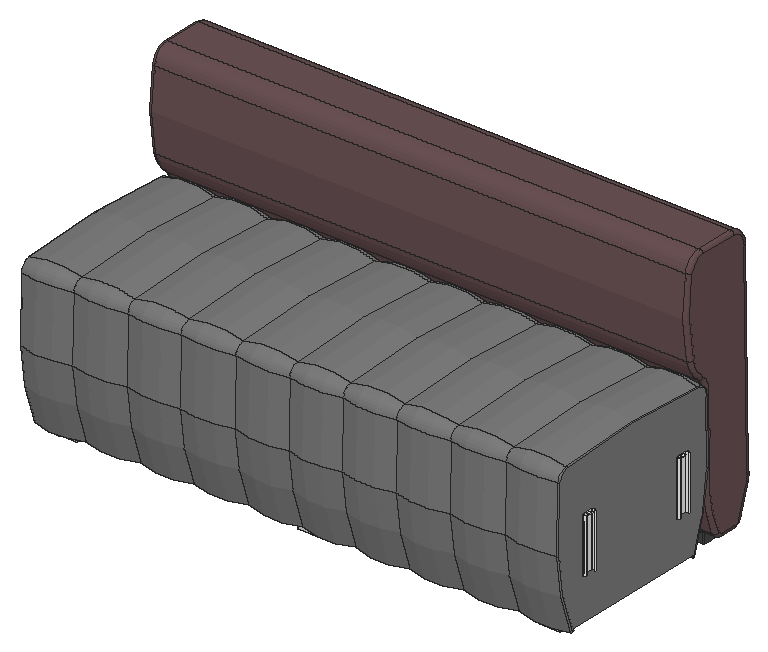
Revit family "Chair-Soft_Seating-Allermuir-Haven_Bench-HAB200BM", category Furniture, Revit 2012
Parameters (values of type "HAB200BM")
  ecoScorecard_data = "http://thesenatorgroup.ecoscorecard.com/product/HAB200BM"
  ecoScorecard Product Page = "http://products.ecoscorecard.com/allermuir/HAB200BM?action=html"
  Width = 0"
  Weight = 0.0 lbf
  Upholstered Seat = "No"
  Upholstered Back = "No"
  URL = "http://www.allermuir.net/Default.aspx"
  Subcategory = "Soft Seating"  # constant formula
  Stand = none
  Stacks = no
  Specifications URL = ""
  Side Stand = Metal - Allermuir - Chrome - Polished
  Side Bracket = Metal - Allermuir - Chrome - Polished
  Seat or Top = Fabric - Allermuir - Silcoates
  Seat = Fabric - Allermuir - Silcoates
  Product Page URL = "http://www.allermuir.net/Products.aspx?RangeId=495"
  Product Line = "Haven Bench"  # constant formula
  Pricing URL = ""
  Plugin Data URL = "http://products.ecoscorecard.com/thesenatorgroup/HAB200BM"
  Plastic Arms in Black = "No"
  Model = "HAB200BM"  # constant formula
  Manufacturer Phone - Toll Free = "(888) 887 5806"  # constant formula
  Manufacturer Phone = "(419) 887 5806"  # constant formula
  Manufacturer Fax = "(419) 887 5805"  # constant formula
  Manufacturer Email = "mailto:contact@allermuir-na.com"
  Manufacturer Address = "1630 Holland Road, Maumee, Ohio 43537 "  # constant formula
  Manufacturer = "Allermuir"  # constant formula
  LEED Stats URL = ""
  Height = 0"
  Fabric Spec Sheets = "http://www.allermuir.net/Services/File.ashx?Type=B&Id=51"
  Description = ""
  Depth = 0"
  Color Availability = "See price list for material options"  # constant formula
  CAD Blocks URL = ""
  Brochure URL = ""
  Base = Plastic - Allermuir - Black
  Back Rest = Fabric - Allermuir - Upholstery - Velvet - Red
  Back = Fabric - Allermuir - Upholstery - Velvet - Red
  Assembly Code = "E2020200"
  95 CSI = "12510"  # constant formula
  04 CSI = "12 51 00"  # constant formula
Reference planes
  plane 1 "Center Front/Back": y = 0
  plane 2: z = 0
  plane 3 "Center Left/Right": x = 0
  plane 4: y = 359.331
  plane 5: y = -323.637
  plane 6: z = 780.256
  plane 7: x = -760.699
  plane 8: x = 757.524
Forms (mm)
  Sweep 1, solid, material "Fabric - Allermuir - Silcoates" <- "Seat"
    path origin (0, -58.737, -3.969) x (0, 1, 0) y (0, 0, 1)
      loop
        arc (228.284, 22.862) -> (262.026, 125.947) -> (276.965, 233.381) r 609.6
        arc (276.965, 233.381) -> (278.479, 325.472) -> (273.982, 417.465) r 1411.053
        arc (273.982, 417.465) -> (262.719, 442.368) -> (238.222, 454.489) r 40.603
        arc (238.222, 454.489) -> (7.264, 468.236) -> (-223.765, 455.728) r 2038.86
        arc (-223.765, 455.728) -> (-248.079, 443.981) -> (-259.64, 419.577) r 40.58
        arc (-259.64, 419.577) -> (-265.536, 328.435) -> (-264.387, 237.109) r 1183.48
        arc (-264.387, 237.109) -> (-249.057, 127.794) -> (-214.795, 22.862) r 627.008
    profile origin (0, -51.473, 464.267) x (0, -0.002682, -0.999996) y (1, 0, 0)
      loop
        arc (10.108, -745.462) -> (11.467, -747.415) -> (13.724, -748.165) r 3.77
        line (13.724, -748.165) -> (14.881, -748.165) -> (14.881, 751.457) -> (12.785, 751.457)
        arc (12.785, 751.457) -> (10.529, 750.699) -> (9.189, 748.733) r 3.735
        arc (9.189, 748.733) -> (-0.333, 674.997) -> (11.738, 601.636) r 255.942
        arc (11.738, 601.636) -> (-0.369, 525.083) -> (10.994, 448.417) r 255.942
        arc (10.994, 448.417) -> (-0.371, 373.433) -> (10.736, 298.411) r 255.942
        arc (10.736, 298.411) -> (-0.371, 223.387) -> (10.994, 148.403) r 255.942
        arc (10.994, 148.403) -> (-0.369, 74.256) -> (10.253, 0) r 255.942
        arc (10.253, 0) -> (-0.355, -75.93) -> (12.002, -151.596) r 255.942
        arc (12.002, -151.596) -> (-0.344, -226.43) -> (9.784, -301.596) r 255.942
        arc (9.784, -301.596) -> (-0.344, -376.765) -> (12.003, -451.601) r 255.942
        arc (12.003, -451.601) -> (-0.344, -526.433) -> (9.782, -601.598) r 255.942
        arc (9.782, -601.598) -> (-0.371, -673.554) -> (10.108, -745.462) r 255.942
  Extrusion 2, solid, material "Fabric - Allermuir - Silcoates" <- "Seat"
    sketch origin (0, -58.737, -3.969) x (0, 1, 0) y (0, 0, 1)
      loop
        line (-203.329, 33.969) -> (216.827, 33.969)
        arc (216.827, 33.969) -> (248.162, 132.073) -> (262.102, 234.112) r 594.719
        arc (262.102, 234.112) -> (263.6, 325.231) -> (259.15, 416.253) r 1396.171
        arc (259.15, 416.253) -> (252.015, 432.029) -> (236.497, 439.708) r 25.722
        arc (236.497, 439.708) -> (7.224, 453.355) -> (-222.118, 440.938) r 2023.978
        arc (-222.118, 440.938) -> (-237.517, 433.499) -> (-244.837, 418.044) r 25.699
        arc (-244.837, 418.044) -> (-250.66, 328.048) -> (-249.525, 237.871) r 1168.598
        arc (-249.525, 237.871) -> (-235.197, 133.933) -> (-203.329, 33.969) r 612.126
    from -748.165 to 751.457
  Extrusion 3, solid, material "Metal - Allermuir - Chrome - Polished" <- "Side Stand"
    sketch origin (6.251, -56.952, -3.969) x (1, 0, 0) y (0, 1, 0)
      loop
        arc (751.677, 189.731) -> (750.36, 189.981) -> (749.198, 189.313) r 1.93
        line (749.198, 189.313) -> (745.679, 185.09)
        arc (745.679, 185.09) -> (745.366, 184.543) -> (745.257, 183.923) r 1.823
        line (745.257, 183.923) -> (745.257, 157.23)
        arc (745.257, 157.23) -> (745.363, 156.622) -> (745.671, 156.086) r 1.786
        line (745.671, 156.086) -> (749.223, 151.823)
        arc (749.223, 151.823) -> (750.358, 151.171) -> (751.644, 151.415) r 1.885
        line (751.644, 151.415) -> (757.733, 155.082) -> (756.959, 156.367) -> (751.014, 152.787)
        arc (751.014, 152.787) -> (750.617, 152.712) -> (750.268, 152.913) r 0.581
        line (750.268, 152.913) -> (747.04, 156.786)
        arc (747.04, 156.786) -> (746.835, 157.143) -> (746.764, 157.548) r 1.191
        line (746.764, 157.548) -> (746.764, 183.605)
        arc (746.764, 183.605) -> (746.838, 184.023) -> (747.049, 184.391) r 1.228
        line (747.049, 184.391) -> (750.26, 188.244)
        arc (750.26, 188.244) -> (750.618, 188.45) -> (751.024, 188.373) r 0.595
        line (751.024, 188.373) -> (756.959, 184.799) -> (757.733, 186.084) -> (751.677, 189.731)
    from 156.239 to 306.239
  Extrusion 4, solid, material "Metal - Allermuir - Chrome - Polished" <- "Side Stand"
    sketch origin (6.251, -56.952, -3.969) x (1, 0, 0) y (0, 1, 0)
      loop
        line (746.764, 176.579) -> (746.764, 164.607) -> (755.757, 164.607) -> (755.757, 176.579) -> (746.764, 176.579)
    from 304.739 to 306.239
  Extrusion 5, solid, material "Metal - Allermuir - Chrome - Polished" <- "Side Stand"
    sketch origin (6.251, -41.87, -3.969) x (1, 0, 0) y (0, 1, 0)
      loop
        line (751.677, -189.731) -> (757.733, -186.084) -> (756.959, -184.799) -> (751.024, -188.373)
        arc (751.024, -188.373) -> (750.618, -188.45) -> (750.26, -188.244) r 0.595
        line (750.26, -188.244) -> (747.049, -184.391)
        arc (747.049, -184.391) -> (746.838, -184.023) -> (746.764, -183.605) r 1.228
        line (746.764, -183.605) -> (746.764, -157.548)
        arc (746.764, -157.548) -> (746.835, -157.143) -> (747.04, -156.786) r 1.191
        line (747.04, -156.786) -> (750.268, -152.913)
        arc (750.268, -152.913) -> (750.617, -152.712) -> (751.014, -152.787) r 0.581
        line (751.014, -152.787) -> (756.959, -156.367) -> (757.733, -155.082) -> (751.644, -151.415)
        arc (751.644, -151.415) -> (750.358, -151.171) -> (749.223, -151.823) r 1.885
        line (749.223, -151.823) -> (745.671, -156.086)
        arc (745.671, -156.086) -> (745.363, -156.622) -> (745.257, -157.23) r 1.786
        line (745.257, -157.23) -> (745.257, -183.923)
        arc (745.257, -183.923) -> (745.366, -184.543) -> (745.679, -185.09) r 1.823
        line (745.679, -185.09) -> (749.198, -189.313)
        arc (749.198, -189.313) -> (750.36, -189.981) -> (751.677, -189.731) r 1.93
    from 156.239 to 306.239
  Extrusion 6, solid, material "Metal - Allermuir - Chrome - Polished" <- "Side Stand"
    sketch origin (6.251, -41.87, -3.969) x (1, 0, 0) y (0, 1, 0)
      loop
        line (746.764, -176.579) -> (755.757, -176.579) -> (755.757, -164.607) -> (746.764, -164.607) -> (746.764, -176.579)
    from 304.739 to 306.239
  Extrusion 7, solid, material "Metal - Allermuir - Chrome - Polished" <- "Side Stand"
    sketch origin (-2.877, -56.852, -3.969) x (-1, 0, 0) y (0, -1, 0)
      loop
        line (751.677, -189.731) -> (757.733, -186.084) -> (756.959, -184.799) -> (751.024, -188.373)
        arc (751.024, -188.373) -> (750.618, -188.45) -> (750.26, -188.244) r 0.595
        line (750.26, -188.244) -> (747.049, -184.391)
        arc (747.049, -184.391) -> (746.838, -184.023) -> (746.764, -183.605) r 1.228
        line (746.764, -183.605) -> (746.764, -157.548)
        arc (746.764, -157.548) -> (746.835, -157.143) -> (747.04, -156.786) r 1.191
        line (747.04, -156.786) -> (750.268, -152.913)
        arc (750.268, -152.913) -> (750.617, -152.712) -> (751.014, -152.787) r 0.581
        line (751.014, -152.787) -> (756.959, -156.367) -> (757.733, -155.082) -> (751.644, -151.415)
        arc (751.644, -151.415) -> (750.358, -151.171) -> (749.223, -151.823) r 1.885
        line (749.223, -151.823) -> (745.671, -156.086)
        arc (745.671, -156.086) -> (745.363, -156.622) -> (745.257, -157.23) r 1.786
        line (745.257, -157.23) -> (745.257, -183.923)
        arc (745.257, -183.923) -> (745.366, -184.543) -> (745.679, -185.09) r 1.823
        line (745.679, -185.09) -> (749.198, -189.313)
        arc (749.198, -189.313) -> (750.36, -189.981) -> (751.677, -189.731) r 1.93
    from 156.239 to 306.239
  Extrusion 8, solid, material "Metal - Allermuir - Chrome - Polished" <- "Side Stand"
    sketch origin (-2.877, -56.852, -3.969) x (-1, 0, 0) y (0, -1, 0)
      loop
        line (746.764, -176.579) -> (755.757, -176.579) -> (755.757, -164.607) -> (746.764, -164.607) -> (746.764, -176.579)
    from 304.739 to 306.239
  Extrusion 9, solid, material "Metal - Allermuir - Chrome - Polished" <- "Side Stand"
    sketch origin (-2.877, -41.87, -3.969) x (-1, 0, 0) y (0, -1, 0)
      loop
        arc (751.677, 189.731) -> (750.36, 189.981) -> (749.198, 189.313) r 1.93
        line (749.198, 189.313) -> (745.679, 185.09)
        arc (745.679, 185.09) -> (745.366, 184.543) -> (745.257, 183.923) r 1.823
        line (745.257, 183.923) -> (745.257, 157.23)
        arc (745.257, 157.23) -> (745.363, 156.622) -> (745.671, 156.086) r 1.786
        line (745.671, 156.086) -> (749.223, 151.823)
        arc (749.223, 151.823) -> (750.358, 151.171) -> (751.644, 151.415) r 1.885
        line (751.644, 151.415) -> (757.733, 155.082) -> (756.959, 156.367) -> (751.014, 152.787)
        arc (751.014, 152.787) -> (750.617, 152.712) -> (750.268, 152.913) r 0.581
        line (750.268, 152.913) -> (747.04, 156.786)
        arc (747.04, 156.786) -> (746.835, 157.143) -> (746.764, 157.548) r 1.191
        line (746.764, 157.548) -> (746.764, 183.605)
        arc (746.764, 183.605) -> (746.838, 184.023) -> (747.049, 184.391) r 1.228
        line (747.049, 184.391) -> (750.26, 188.244)
        arc (750.26, 188.244) -> (750.618, 188.45) -> (751.024, 188.373) r 0.595
        line (751.024, 188.373) -> (756.959, 184.799) -> (757.733, 186.084) -> (751.677, 189.731)
    from 156.239 to 306.239
  Extrusion 10, solid, material "Metal - Allermuir - Chrome - Polished" <- "Side Stand"
    sketch origin (-2.877, -41.87, -3.969) x (-1, 0, 0) y (0, -1, 0)
      loop
        line (746.764, 176.579) -> (746.764, 164.607) -> (755.757, 164.607) -> (755.757, 176.579) -> (746.764, 176.579)
    from 304.739 to 306.239
  Sweep 11, solid, material "Fabric - Allermuir - Upholstery - Velvet - Red" <- "Back Rest"
    path origin (25.4, 9.525, 0) x (0, 1, 0) y (0, 0, 1)
      loop
        arc (287.786, 777.021) -> (233.759, 779.501) -> (179.717, 777.382) r 635.833
        arc (179.717, 777.382) -> (149.801, 764.438) -> (133.91, 735.977) r 50.8
        arc (133.91, 735.977) -> (124.881, 624.919) -> (138.426, 514.322) r 549.847
        arc (138.426, 514.322) -> (151.944, 480.888) -> (175.34, 453.444) r 112.578
        arc (175.34, 453.444) -> (187.228, 438.729) -> (192.908, 420.684) r 50.8
        arc (192.908, 420.684) -> (199.489, 321.271) -> (195.803, 221.708) r 966.766
        arc (195.803, 221.708) -> (199.73, 131.593) -> (227.054, 45.631) r 342.39
        arc (227.054, 45.631) -> (235.405, 35.683) -> (247.583, 31.165) r 25.4
        arc (247.583, 31.165) -> (270.869, 30.009) -> (294.161, 31.049) r 247.493
        arc (294.161, 31.049) -> (306.956, 35.934) -> (315.355, 46.754) r 25.4
        arc (315.355, 46.754) -> (330.686, 88.951) -> (342.72, 132.205) r 582.2
        arc (342.72, 132.205) -> (344.554, 142.103) -> (345.4, 152.134) r 101.6
        arc (345.4, 152.134) -> (347.534, 441.313) -> (333.961, 730.181) r 5322.758
        arc (333.961, 730.181) -> (319.477, 762.083) -> (287.786, 777.021) r 50.8
    profile origin (25.4, 243.284, 779.501) x (0, -0.003339, -0.999994) y (1, 0, 0)
      loop
        arc (-0.428, -762.644) -> (2.637, -770.044) -> (10.037, -773.109) r 10.465
        line (10.037, -773.109) -> (12.7, -773.109) -> (12.7, 726.535) -> (9.99, 726.535)
        arc (9.99, 726.535) -> (2.623, 723.484) -> (-0.428, 716.117) r 10.418
        line (-0.428, 716.117) -> (-0.428, -762.644)
  Extrusion 12, solid, material "Fabric - Allermuir - Upholstery - Velvet - Red" <- "Back Rest"
    sketch origin (751.935, 241.161, 143.672) x (0, 0.088309, 0.996093) y (0, -0.996093, 0.088309)
      loop
        arc (580.167, 137.007) -> (471.319, 136.212) -> (364.867, 113.49) r 537.147
        arc (364.867, 113.49) -> (336.38, 98.924) -> (313.96, 76.099) r 99.878
        arc (313.96, 76.099) -> (296.95, 59.672) -> (275.109, 50.608) r 63.5
        arc (275.109, 50.608) -> (175.372, 35.073) -> (74.565, 29.885) r 979.466
        arc (74.565, 29.885) -> (-11.534, 18.455) -> (-91.661, -15.062) r 329.69
        arc (-91.661, -15.062) -> (-96.247, -19.661) -> (-97.959, -25.925) r 12.7
        arc (-97.959, -25.925) -> (-97.101, -48.027) -> (-94.167, -69.95) r 234.793
        arc (-94.167, -69.95) -> (-91.169, -76.107) -> (-85.409, -79.812) r 12.7
        arc (-85.409, -79.812) -> (-42.969, -91.105) -> (0.214, -99.094) r 569.5
        arc (0.214, -99.094) -> (8.983, -99.928) -> (17.792, -99.89) r 88.9
        arc (17.792, -99.89) -> (305.342, -76.535) -> (591.199, -37.598) r 5310.058
        arc (591.199, -37.598) -> (614.072, -24.665) -> (623.133, 0) r 38.1
        arc (623.133, 0) -> (620.879, 52.956) -> (614.133, 105.528) r 623.133
        arc (614.133, 105.528) -> (602.481, 127.02) -> (580.167, 137.007) r 38.1
    from -1499.644 to 0
Cuts and joins
  joined: Sweep 1, Extrusion 2
  joined: Sweep 11, Extrusion 12
Lines and regions (mm)
  symbolic lines, style "Sofa"
    curve 1: line (-748.165, 142.773, 0) -> (-748.165, -310.971, 0)
    curve 2: line (-601.598, -314.892, 0) -> (-601.598, 133.973, 0)
    curve 3: line (-451.601, -312.671, 0) -> (-451.601, 133.973, 0)
    curve 4: line (-301.596, -314.89, 0) -> (-301.596, 133.973, 0)
    curve 5: line (-151.596, -312.672, 0) -> (-151.596, 133.973, 0)
    curve 6: line (0, -314.421, 0) -> (0, 133.973, 0)
    curve 7: line (148.403, -313.68, 0) -> (148.403, 133.973, 0)
    curve 8: line (298.411, -313.915, 0) -> (298.411, 133.973, 0)
    curve 9: line (448.417, -313.651, 0) -> (448.417, 133.973, 0)
    curve 10: line (601.636, -312.936, 0) -> (601.636, 133.973, 0)
    curve 11: line (751.458, 145.333, 0) -> (751.458, -311.867, 0)
    curve 12: arc (-601.598, -314.892, 0) -> (-673.571, -324.886, 0) -> (-745.494, -314.532, 0) r 259.478
    curve 13: arc (-748.165, -310.971, 0) -> (-747.423, -313.197, 0) -> (-745.494, -314.532, 0) r 3.708
    curve 14: arc (-601.598, -314.892, 0) -> (-526.435, -324.882, 0) -> (-451.601, -312.671, 0) r 258.925
    curve 15: arc (-451.601, -312.671, 0) -> (-376.761, -324.762, 0) -> (-301.596, -314.89, 0) r 261.649
    curve 16: arc (-301.596, -314.89, 0) -> (-226.43, -325.005, 0) -> (-151.596, -312.672, 0) r 256.214
    curve 17: arc (-151.596, -312.672, 0) -> (-75.928, -324.868, 0) -> (0, -314.421, 0) r 259.411
    curve 18: arc (0, -314.421, 0) -> (74.258, -325.313, 0) -> (148.403, -313.68, 0) r 250.065
    curve 19: arc (148.403, -313.68, 0) -> (223.339, -325.108, 0) -> (298.315, -313.944, 0) r 254.346
    curve 20: arc (298.315, -313.944, 0) -> (373.378, -325.017, 0) -> (448.399, -313.656, 0) r 256.639
    curve 21: arc (448.399, -313.656, 0) -> (525.074, -325.317, 0) -> (601.636, -312.936, 0) r 250.18
    curve 22: arc (601.636, -312.936, 0) -> (675.007, -325.075, 0) -> (748.75, -315.451, 0) r 254.088
    curve 23: arc (748.75, -315.451, 0) -> (750.705, -314.113, 0) -> (751.458, -311.867, 0) r 3.726
    curve 24: line (-754.554, 132.879, 0) -> (-760.61, 129.232, 0)
    curve 25: line (-759.836, 127.947, 0) -> (-753.902, 131.521, 0)
    curve 26: line (-760.61, 129.232, 0) -> (-759.836, 127.947, 0)
    curve 27: arc (-752.076, 132.461, 0) -> (-753.238, 133.129, 0) -> (-754.554, 132.879, 0) r 1.93
    curve 28: arc (-753.902, 131.521, 0) -> (-753.496, 131.598, 0) -> (-753.137, 131.392, 0) r 0.595
    curve 29: line (-753.137, 131.392, 0) -> (-749.926, 127.538, 0)
    curve 30: line (-748.557, 128.237, 0) -> (-752.076, 132.461, 0)
    curve 31: arc (-748.165, 127.405, 0) -> (-748.307, 127.846, 0) -> (-748.557, 128.237, 0) r 1.823
    curve 32: line (-749.642, 126.752, 0) -> (-749.642, 100.696, 0)
    curve 33: arc (-749.926, 127.538, 0) -> (-749.715, 127.17, 0) -> (-749.642, 126.752, 0) r 1.228
    curve 34: line (-749.918, 99.934, 0) -> (-753.145, 96.061, 0)
    curve 35: line (-752.1, 94.971, 0) -> (-748.548, 99.234, 0)
    curve 36: arc (-748.548, 99.234, 0) -> (-748.305, 99.616, 0) -> (-748.165, 100.046, 0) r 1.786
    curve 37: arc (-749.642, 100.696, 0) -> (-749.713, 100.291, 0) -> (-749.918, 99.934, 0) r 1.191
    curve 38: arc (-753.145, 96.061, 0) -> (-753.495, 95.86, 0) -> (-753.891, 95.935, 0) r 0.581
    curve 39: arc (-754.521, 94.563, 0) -> (-753.235, 94.319, 0) -> (-752.1, 94.971, 0) r 1.885
    curve 40: line (-760.61, 98.23, 0) -> (-754.521, 94.563, 0)
    curve 41: line (-753.891, 95.935, 0) -> (-759.836, 99.515, 0)
    curve 42: line (-759.836, 99.515, 0) -> (-760.61, 98.23, 0)
    curve 43: line (-758.634, 107.755, 0) -> (-749.642, 107.755, 0)
    curve 44: line (-758.634, 119.727, 0) -> (-758.634, 107.755, 0)
    curve 45: line (-749.642, 119.727, 0) -> (-758.634, 119.727, 0)
    curve 46: line (-754.521, -193.286, 0) -> (-760.61, -196.953, 0)
    curve 47: line (-759.836, -198.237, 0) -> (-753.891, -194.658, 0)
    curve 48: line (-760.61, -196.953, 0) -> (-759.836, -198.237, 0)
    curve 49: arc (-752.1, -193.694, 0) -> (-753.235, -193.042, 0) -> (-754.521, -193.286, 0) r 1.885
    curve 50: arc (-753.891, -194.658, 0) -> (-753.495, -194.582, 0) -> (-753.145, -194.783, 0) r 0.581
    curve 51: line (-753.145, -194.783, 0) -> (-749.918, -198.656, 0)
    curve 52: line (-748.548, -197.957, 0) -> (-752.1, -193.694, 0)
    curve 53: line (-749.642, -199.419, 0) -> (-749.642, -225.475, 0)
    curve 54: arc (-749.918, -198.656, 0) -> (-749.713, -199.013, 0) -> (-749.642, -199.419, 0) r 1.191
    curve 55: arc (-748.165, -198.769, 0) -> (-748.305, -198.339, 0) -> (-748.548, -197.957, 0) r 1.786
    curve 56: line (-749.642, -206.478, 0) -> (-758.634, -206.478, 0)
    curve 57: line (-758.634, -206.478, 0) -> (-758.634, -218.449, 0)
    curve 58: line (-758.634, -218.449, 0) -> (-749.642, -218.449, 0)
    curve 59: line (-749.926, -226.261, 0) -> (-753.137, -230.115, 0)
    curve 60: arc (-749.642, -225.475, 0) -> (-749.715, -225.893, 0) -> (-749.926, -226.261, 0) r 1.228
    curve 61: line (-752.076, -231.184, 0) -> (-748.557, -226.96, 0)
    curve 62: arc (-748.557, -226.96, 0) -> (-748.307, -226.569, 0) -> (-748.165, -226.127, 0) r 1.823
    curve 63: arc (-754.554, -231.601, 0) -> (-753.238, -231.851, 0) -> (-752.076, -231.184, 0) r 1.93
    curve 64: arc (-753.137, -230.115, 0) -> (-753.496, -230.32, 0) -> (-753.902, -230.243, 0) r 0.595
    curve 65: line (-753.902, -230.243, 0) -> (-759.836, -226.67, 0)
    curve 66: line (-760.61, -227.954, 0) -> (-754.554, -231.601, 0)
    curve 67: line (-759.836, -226.67, 0) -> (-760.61, -227.954, 0)
    curve 68: line (763.21, 127.848, 0) -> (763.984, 129.132, 0)
    curve 69: line (763.984, 129.132, 0) -> (757.928, 132.78, 0)
    curve 70: line (757.275, 131.422, 0) -> (763.21, 127.848, 0)
    curve 71: arc (757.928, 132.78, 0) -> (756.611, 133.029, 0) -> (755.449, 132.362, 0) r 1.93
    curve 72: arc (756.511, 131.293, 0) -> (756.869, 131.499, 0) -> (757.275, 131.422, 0) r 0.595
    curve 73: line (753.3, 127.439, 0) -> (756.511, 131.293, 0)
    curve 74: line (755.449, 132.362, 0) -> (751.93, 128.138, 0)
    curve 75: arc (751.93, 128.138, 0) -> (751.616, 127.592, 0) -> (751.507, 126.971, 0) r 1.823
    curve 76: arc (753.015, 126.653, 0) -> (753.088, 127.071, 0) -> (753.3, 127.439, 0) r 1.228
    curve 77: line (753.015, 100.597, 0) -> (753.015, 126.653, 0)
    curve 78: line (762.007, 119.628, 0) -> (753.015, 119.628, 0)
    curve 79: line (762.007, 107.656, 0) -> (762.007, 119.628, 0)
    curve 80: line (753.015, 107.656, 0) -> (762.007, 107.656, 0)
    curve 81: arc (751.507, 100.278, 0) -> (751.614, 99.67, 0) -> (751.921, 99.135, 0) r 1.786
    curve 82: line (751.921, 99.135, 0) -> (755.474, 94.872, 0)
    curve 83: line (756.518, 95.962, 0) -> (753.291, 99.834, 0)
    curve 84: arc (753.291, 99.834, 0) -> (753.086, 100.191, 0) -> (753.015, 100.597, 0) r 1.191
    curve 85: line (763.21, 99.416, 0) -> (757.265, 95.836, 0)
    curve 86: line (757.895, 94.464, 0) -> (763.984, 98.131, 0)
    curve 87: arc (757.265, 95.836, 0) -> (756.868, 95.761, 0) -> (756.518, 95.962, 0) r 0.581
    curve 88: arc (755.474, 94.872, 0) -> (756.609, 94.22, 0) -> (757.895, 94.464, 0) r 1.885
    curve 89: line (763.984, 98.131, 0) -> (763.21, 99.416, 0)
    curve 90: line (763.21, -198.237, 0) -> (763.984, -196.953, 0)
    curve 91: line (763.984, -196.953, 0) -> (757.895, -193.286, 0)
    curve 92: line (757.265, -194.658, 0) -> (763.21, -198.237, 0)
    curve 93: arc (757.895, -193.286, 0) -> (756.609, -193.042, 0) -> (755.474, -193.694, 0) r 1.885
    curve 94: arc (756.518, -194.783, 0) -> (756.868, -194.582, 0) -> (757.265, -194.658, 0) r 0.581
    curve 95: line (755.474, -193.694, 0) -> (751.921, -197.957, 0)
    curve 96: line (753.291, -198.656, 0) -> (756.518, -194.783, 0)
    curve 97: arc (751.921, -197.957, 0) -> (751.614, -198.492, 0) -> (751.507, -199.1, 0) r 1.786
    curve 98: arc (753.015, -199.419, 0) -> (753.086, -199.013, 0) -> (753.291, -198.656, 0) r 1.191
    curve 99: line (753.015, -225.475, 0) -> (753.015, -199.419, 0)
    curve 100: line (762.007, -206.478, 0) -> (753.015, -206.478, 0)
    curve 101: line (753.015, -218.449, 0) -> (762.007, -218.449, 0)
    curve 102: line (762.007, -218.449, 0) -> (762.007, -206.478, 0)
    curve 103: arc (751.507, -225.793, 0) -> (751.616, -226.414, 0) -> (751.93, -226.96, 0) r 1.823
    curve 104: line (751.93, -226.96, 0) -> (755.449, -231.184, 0)
    curve 105: arc (753.3, -226.261, 0) -> (753.088, -225.893, 0) -> (753.015, -225.475, 0) r 1.228
    curve 106: line (756.511, -230.115, 0) -> (753.3, -226.261, 0)
    curve 107: arc (757.275, -230.243, 0) -> (756.869, -230.32, 0) -> (756.511, -230.115, 0) r 0.595
    curve 108: line (763.21, -226.67, 0) -> (757.275, -230.243, 0)
    curve 109: arc (755.449, -231.184, 0) -> (756.611, -231.851, 0) -> (757.928, -231.601, 0) r 1.93
    curve 110: line (757.928, -231.601, 0) -> (763.984, -227.954, 0)
    curve 111: line (763.984, -227.954, 0) -> (763.21, -226.67, 0)
    curve 112: line (741.488, 358.541, 0) -> (-737.379, 358.541, 0)
    curve 113: line (751.934, 348.094, 0) -> (751.934, 144.246, 0)
    curve 114: line (-737.096, 133.865, 0) -> (741.553, 133.865, 0)
    curve 115: line (-747.71, 348.21, 0) -> (-747.71, 144.479, 0)
    curve 116: arc (751.934, 348.094, 0) -> (748.874, 355.481, 0) -> (741.488, 358.541, 0) r 10.446
    curve 117: arc (741.553, 133.865, 0) -> (748.893, 136.906, 0) -> (751.934, 144.246, 0) r 10.381
    curve 118: arc (-737.379, 358.541, 0) -> (-744.684, 355.515, 0) -> (-747.71, 348.21, 0) r 10.331
    curve 119: arc (-747.71, 144.479, 0) -> (-744.601, 136.974, 0) -> (-737.096, 133.865, 0) r 10.614
Dimensions and locks
  plane 4 to plane 5 = 26.88848"
  plane 6 to level = 30 23/32"  (x2)
  locked: plane 7 to plane 8 at 1518.222
  aligned and locked: Sweep 1 to Extrusion 2
  aligned and locked: Extrusion 12 to Sweep 11
Nested families
  nested 1: "Leg" at (-671.389, 118.155, 0), type "PSM102"
  nested 2: "Leg" at (1.587, 117.361, 0), type "PSM102"
  nested 3: "Leg" at (-670.924, -216.084, 0), type "PSM102"
  nested 4: "Leg" at (674.744, 117.361, 0), type "PSM102"
  nested 5: "Leg" at (2.381, -216.084, 0), type "PSM102"
  nested 6: "Leg" at (674.303, -215.29, 0), type "PSM102"
  nested 7: "Leg1" at (-670.412, 281.815, 0), type "PSM102 2"
  nested 8: "Leg1" at (2.521, 281.815, 0), type "PSM102 2"
  nested 9: "Leg1" at (675.775, 281.815, 0), type "PSM102 2"
Definition of nested family "Leg"
  Parameters (values of type "PSM102")
    URL = ""
    Stand = Plastic - Allermuir - Black
    Stacks = no
    Model = ""
    Manufacturer = ""
    Description = ""
    Assembly Code = "E2020200"
  Reference planes
    plane 1 "Center Front/Back": y = 0
    plane 2: z = 0
    plane 3 "Center Left/Right": x = 0
    plane 4: z = 30
    plane 5: through (42.717, 1524.892, 1219.2) normal (1, -0.0075, 0)
    plane 6: through (-1525.181, 42.166, 1219.2) normal (0.0075, 1, 0)
    plane 7: through (-19.17, 1524.892, 1219.2) normal (1, -0.0075, 0)
    plane 8: through (-1525.181, -19.721, 1219.2) normal (0.0075, 1, 0)
  Forms (mm)
    Blend 1, solid, material "Plastic - Allermuir - Black" <- "Stand"
      base sketch origin (0, 0, 0) x (1, 0, 0) y (0, 1, 0)
        loop
          arc (-26.682, 29.891) -> (-28.652, 29.092) -> (-29.481, 27.133) r 2.778
          line (-29.481, 27.133) -> (-29.891, -27.235)
          arc (-29.891, -27.235) -> (-29.092, -29.205) -> (-27.133, -30.034) r 2.778
          line (-27.133, -30.034) -> (27.235, -30.444)
          arc (27.235, -30.444) -> (29.205, -29.645) -> (30.034, -27.687) r 2.778
          line (30.034, -27.687) -> (30.444, 26.682)
          arc (30.444, 26.682) -> (29.645, 28.652) -> (27.687, 29.481) r 2.778
          line (27.687, 29.481) -> (-26.682, 29.891)
      top sketch origin (0, 0, 0) x (1, 0, 0) y (0, 1, 0)
        loop
          arc (31.431, 27.654) -> (30.632, 29.625) -> (28.674, 30.453) r 2.778
          line (28.674, 30.453) -> (-27.654, 30.878)
          arc (-27.654, 30.878) -> (-29.625, 30.079) -> (-30.453, 28.121) r 2.778
          line (-30.453, 28.121) -> (-30.878, -28.207)
          arc (-30.878, -28.207) -> (-30.079, -30.178) -> (-28.121, -31.006) r 2.778
          line (-28.121, -31.006) -> (28.207, -31.431)
          arc (28.207, -31.431) -> (30.178, -30.632) -> (31.006, -28.674) r 2.778
          line (31.006, -28.674) -> (31.431, 27.654)
      from 0 to 30
  Dimensions and locks
    locked: plane 7 to plane 5 at 61.886
    locked: plane 6 to plane 8 at 61.886
    locked: plane 4 to level at 30
Definition of nested family "Leg1"
  Parameters (values of type "HAB200BM")
    URL = ""
    Stand = Plastic - Allermuir - Black
    Stacks = no
    Model = ""
    Manufacturer = ""
    Description = ""
    Assembly Code = "E2020200"
  Reference planes
    plane 1 "Center Front/Back": y = 0
    plane 2: z = 0
    plane 3 "Center Left/Right": x = 0
    plane 4: z = 30
    plane 5: through (42.717, 1524.892, 1219.2) normal (1, -0.0075, 0)
    plane 6: through (-1525.181, 42.166, 1219.2) normal (0.0075, 1, 0)
    plane 7: through (-19.17, 1524.892, 1219.2) normal (1, -0.0075, 0)
    plane 8: through (-1525.181, -19.721, 1219.2) normal (0.0075, 1, 0)
  Forms (mm)
    Blend 1, solid, material "Plastic - Allermuir - Black" <- "Stand"
      base sketch origin (0, 0, 0) x (1, 0, 0) y (0, 1, 0)
        loop
          arc (-26.682, 29.891) -> (-28.652, 29.092) -> (-29.481, 27.133) r 2.778
          line (-29.481, 27.133) -> (-29.891, -27.235)
          arc (-29.891, -27.235) -> (-29.092, -29.205) -> (-27.133, -30.034) r 2.778
          line (-27.133, -30.034) -> (27.235, -30.444)
          arc (27.235, -30.444) -> (29.205, -29.645) -> (30.034, -27.687) r 2.778
          line (30.034, -27.687) -> (30.444, 26.682)
          arc (30.444, 26.682) -> (29.645, 28.652) -> (27.687, 29.481) r 2.778
          line (27.687, 29.481) -> (-26.682, 29.891)
      top sketch origin (0, 0, 0) x (1, 0, 0) y (0, 1, 0)
        loop
          arc (31.431, 27.654) -> (30.632, 29.625) -> (28.674, 30.453) r 2.778
          line (28.674, 30.453) -> (-27.654, 30.878)
          arc (-27.654, 30.878) -> (-29.625, 30.079) -> (-30.453, 28.121) r 2.778
          line (-30.453, 28.121) -> (-30.878, -28.207)
          arc (-30.878, -28.207) -> (-30.079, -30.178) -> (-28.121, -31.006) r 2.778
          line (-28.121, -31.006) -> (28.207, -31.431)
          arc (28.207, -31.431) -> (30.178, -30.632) -> (31.006, -28.674) r 2.778
          line (31.006, -28.674) -> (31.431, 27.654)
      from 0 to 30
  Dimensions and locks
    locked: plane 7 to plane 5 at 61.886
    locked: plane 6 to plane 8 at 61.886
    locked: plane 4 to level at 30
